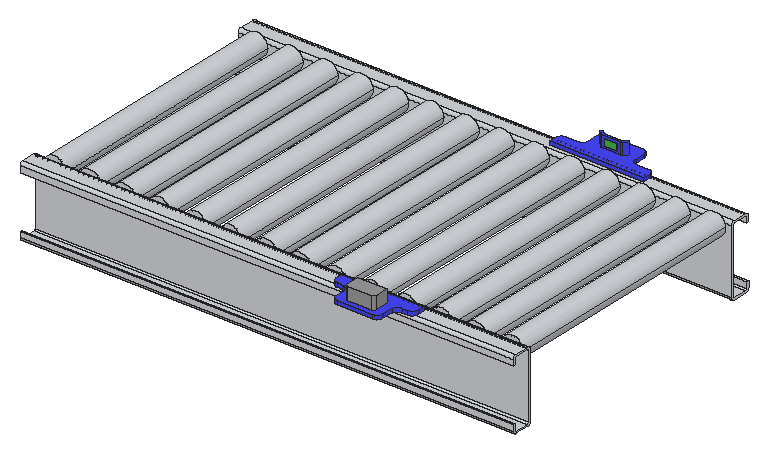
Revit family "C380_ENTRY", category Specialty Equipment, Revit 2025
Family settings
  Round Connector Dimension = Use Diameter
  Part Type = Normal
  Work Plane-Based = No
  Enable Cutting in Views = No
  Always vertical = Yes
  Cut with Voids When Loaded = No
  Maintain Annotation Orientation = No
  Shared = No
  Room Calculation Point = No
Parameters (values of type "C380-ENTRY-24"")
  Weight [instance] = 0
  Version = ""
  Subsystem [instance] = ""
  Special_Part_Number [instance] = ""
  Special_Description [instance] = ""
  Special_Bed [instance] = no
  Segment [instance] = ""
  SIO_Block_Number [instance] = ""
  Material_Number [instance] = ""
  MCP [instance] = ""
  Lookup Table Name BCL [instance] = "BOTTOM_COVER_BCL"
  Lookup Table Name [instance] = "PHOTO_EYE"
  Load_Envelope_Height [instance] = 1' - 0"
  Load_Envelope [instance] = no
  IO_Block_Number [instance] = ""
  Field_Cut [instance] = no
  Estop_Zone [instance] = ""
  Error_State [instance] = no
  Default Elevation = 0' - 0"
  Conveyor_Number [instance] = "100"
  Conveyor_Elevation_Out [instance] = Conveyor_Elevation_In  # 2' - 6"
  Conveyor_Elevation_In [instance] = 2' - 6"
  CLR_ZONE_CONTROL = "N"
  CLR_ZONES [instance] = 3' - 0"
  CLR_VFD = no
  CLR_TE_POSITION = "N"
  CLR_TAKE_UP_SPRING_QUANTITY = 0
  CLR_TAKE_UP = "N"
  CLR_SUBCLASS = ""
  CLR_SPRING_COVER [instance] = no
  CLR_SPEED_FPM = 0
  CLR_SLAVE_RATIO = "N"
  CLR_SENSOR_SKEW [instance] = size_lookup(Lookup Table Name, "CSS", CLR_PhotoEye_SP, CLR_NOMINAL_WIDTH, CLR_ZONES, CLR_SENSOR_ANGLE)  # 1' - 4"
  CLR_SENSOR_MOUNT [instance] = "Side"
  CLR_SENSOR_HAND [instance] = "Left"
  CLR_SENSOR_ANGLE [instance] = 9.00°
  CLR_ROLLER_NUM [instance] = CLR_BED_LENGTH / CLR_ROLLER_CENTER  # 14
  CLR_ROLLER_CENTER [instance] = 0' - 3"
  CLR_PhotoEye_SP [instance] = if(CLR_ZONES = 3' 0", 1' 0", if(CLR_ZONES = 2' 0", 0' 8", 0' 8"))  # 1' - 0"
  CLR_PULLEY_TYPE = "N"
  CLR_POPOUT_CARRYING_ROLLERS [instance] = no
  CLR_NOMINAL_WIDTH + 1" [instance] = CLR_NOMINAL_WIDTH + 0' 1"  # 2' - 1"
  CLR_NOMINAL_WIDTH  -2.5" [instance] = CLR_NOMINAL_WIDTH - 0' 2 1/2"  # 1' - 9 1/2"
  CLR_NOMINAL_WIDTH = 2' - 0"
  CLR_MOTOR_VOLTAGE = "N"
  CLR_MOTOR_TYPE = "N"
  CLR_MOTOR_HP = 0
  CLR_MODULE = ""
  CLR_LIFTER_ROLLER_CENTER [instance] = 0' - 6"
  CLR_FINGER_GUARD [instance] = no
  CLR_DRIVE_TRAIN_TYPE = "N"
  CLR_DRIVE_SIZE = 0
  CLR_CONTROL_VOLTAGE = "N"
  CLR_CONTROL_DEVICE = "N"
  CLR_CONNECTION_KIT = "N"
  CLR_CARRYING_ROLLER [instance] = "Standard\r\nStandard\r\nStandard"
  CLR_BOTTOM_COVERS [instance] = no
  CLR_BED_LENGTH [instance] = Bed_Length  # 3' - 6"
  CLR_ASSEMBLY_HAND = "N"
  CLR_AIR_BRAKE = 0
  Belting [instance] = 0' - 8"
  Bed_Length [instance] = if(CLR_ZONES = 3' 0", 3' 6", if(CLR_ZONES = 2' 0", 2' 6", 3' 6"))  # 3' - 6"
  BOTTOM_COVERS_LENGTH [instance] = Bed_Length  # 3' - 6"
  Asset ID [instance] = ""
  Air_Consumption [instance] = 0
Types (6): name | Conveyor_Elevation_Out | Conveyor_Elevation_In | CLR_ZONES | CLR_SENSOR_SKEW | CLR_ROLLER_NUM | CLR_PhotoEye_SP | CLR_NOMINAL_WIDTH + 1" | CLR_NOMINAL_WIDTH  -2.5" | CLR_NOMINAL_WIDTH | CLR_BED_LENGTH | Bed_Length | BOTTOM_COVERS_LENGTH
  (no name) | 2' - 6" | 2' - 6" | 3' - 0" | 1' - 4" | 14 | 1' - 0" | 2' - 1" | 1' - 9 1/2" | 2' - 0" | 3' - 6" | 3' - 6" | 3' - 6"
  C380-ENTRY-18" | 2' - 6" | 2' - 6" | 2' - 0" | 1' - 0" | 10 | 0' - 8" | 1' - 7" | 1' - 3 1/2" | 1' - 6" | 2' - 6" | 2' - 6" | 2' - 6"
  C380-ENTRY-24" | 2' - 6" | 2' - 6" | 3' - 0" | 1' - 4" | 14 | 1' - 0" | 2' - 1" | 1' - 9 1/2" | 2' - 0" | 3' - 6" | 3' - 6" | 3' - 6"
  C380-ENTRY-30" | 2' - 7 51/256" | 2' - 7 51/256" | 3' - 0" | 1' - 6" | 14 | 1' - 0" | 2' - 7" | 2' - 3 1/2" | 2' - 6" | 3' - 6" | 3' - 6" | 3' - 6"
  C380-ENTRY-36" | 2' - 7 51/256" | 2' - 7 51/256" | 3' - 0" | 1' - 6" | 14 | 1' - 0" | 3' - 1" | 2' - 9 1/2" | 3' - 0" | 3' - 6" | 3' - 6" | 3' - 6"
  C380-ENTRY-42" | 2' - 7 51/256" | 2' - 7 51/256" | 3' - 0" | 1' - 8" | 14 | 1' - 0" | 3' - 7" | 3' - 3 1/2" | 3' - 6" | 3' - 6" | 3' - 6" | 3' - 6"
Reference planes (in)
  plane 1 "Centerline": y = 0
  plane 2: z = 0
  plane 3 "Entry_End": x = 0
  plane 4 "Top_of_Roller": z = 30
  plane 5 "Top_of_SideFrame": z = 29.71
  plane 6 "Bot_of_SideFrame": z = 23.71
  plane 7 "LH_Out": y = 12.5
  plane 8 "RH_Out": y = -12.5
  plane 9 "RH_In": y = -10.75
  plane 10 "LH_In": y = 10.75
  plane 11 "Exit_End": x = 42
  plane 12 "PhotoEye_SP": x = 30
  plane 13: x = 60.81944
  plane 14: y = -38.13976
  plane 15: z = 30
  plane 16: z = 42
  plane 17: y = -10.75
  plane 18: y = 10.75
  plane 19 "END_PULLY": y = 8.44
  plane 20: y = -8.44
Forms (in)
  Extrusion 1, solid, detail levels coarse+medium
    sketch origin (0, 0, 0) x (0, 1, 0) y (0, 0, 1)
      loop
        line (12.5, 29.71) -> (-12.5, 29.71) -> (-12.5, 23.71) -> (12.5, 23.71) -> (12.5, 29.71)
    from 0 to 42
  Extrusion 2, solid, material "Load Envelope", visible <- "Load_Envelope"
    sketch origin (0, 0, 0) x (0, 1, 0) y (0, 0, 1)
      loop
        line (10.75, 42) -> (-10.75, 42) -> (-10.75, 30) -> (10.75, 30) -> (10.75, 42)
    from 0 to 42
  Extrusion 3, solid, detail levels fine
    sketch origin (0, 0, 0) x (1, 0, 0) y (0, 0, 1)
      loop
        circle (3.5, 25.93) r 1.94
    from -8.44 to 8.44
  Extrusion 4, solid, detail levels fine
    sketch origin (0, 8.44, 0) x (-1, 0, 0) y (0, 0, 1)
      loop
        line (-0.38, 28.04) -> (-6, 28.04) -> (-6, 23.71) -> (-0.38, 23.71) -> (-0.38, 28.04)
    from 0 to 2.31
  Extrusion 5, solid, detail levels fine
    sketch origin (0, -16.75, 0) x (-1, 0, 0) y (0, 0, 1)
      loop
        line (-0.38, 28.04) -> (-6, 28.04) -> (-6, 23.71) -> (-0.38, 23.71) -> (-0.38, 28.04)
    from 6 to 8.31
  Extrusion 6, solid, detail levels fine
    sketch origin (0, 0, 0) x (1, 0, 0) y (0, 0, 1)
      loop
        arc (1.1444, 24.115) -> (1.18102, 24.02661) -> (1.2694, 23.99) r 0.125
        line (1.2694, 23.99) -> (1.8944, 23.99) -> (1.8944, 24.06813) -> (1.2869, 24.06813)
        arc (1.2869, 24.06813) -> (1.24271, 24.08643) -> (1.2244, 24.13063) r 0.0625
        line (1.2244, 24.13063) -> (1.2244, 27.72938)
        arc (1.2244, 27.72938) -> (1.24271, 27.77357) -> (1.2869, 27.79188) r 0.0625
        line (1.2869, 27.79188) -> (1.8944, 27.79188) -> (1.8944, 27.87) -> (1.2694, 27.87)
        arc (1.2694, 27.87) -> (1.18102, 27.83339) -> (1.1444, 27.745) r 0.125
        line (1.1444, 27.745) -> (1.1444, 24.115)
    from -8.44 to 8.44
Lines and regions (in)
  model lines, style "Belt"
    curve 1: line (0, 4, 30) -> (42, 4, 30)
    curve 2: line (0, -4, 30) -> (0, 4, 30)
    curve 3: line (42, -4, 30) -> (0, -4, 30)
    curve 4: line (42, 4, 30) -> (42, -4, 30)
  model lines, style "Centerline"
    curve 5: line (0, 0, 30) -> (42, 0, 30)
  model lines, style "Flow Arrow", not visible
    curve 6: line (108.81944, -38.13976, 30) -> (132.81944, -38.13976, 30)
    curve 7: line (132.81944, -38.13976, 30) -> (122.42713, -32.13976, 30)
    curve 8: line (132.81944, -38.13976, 30) -> (122.42713, -44.13976, 30)
Dimensions and locks (in)
  equal spacing: plane 10 "LH_In", plane 1 "Centerline", plane 9 "RH_In"
  "CLR_NOMINAL_WIDTH  -2.5"": plane 10 "LH_In" to plane 9 "RH_In"
  equal spacing: plane 7 "LH_Out", plane 1 "Centerline", plane 8 "RH_Out"
  "CLR_NOMINAL_WIDTH + 1"": plane 7 "LH_Out" to plane 8 "RH_Out"
  "Conveyor_Elevation_In": plane 4 "Top_of_Roller" to level
  locked: plane 4 "Top_of_Roller" to plane 5 "Top_of_SideFrame" at 0.29
  locked: plane 5 "Top_of_SideFrame" to plane 6 "Bot_of_SideFrame" at 6
  locked: nested 1 to plane 6 "Bot_of_SideFrame"
  locked: nested 1 to plane 10 "LH_In"
  locked: plane 6 "Bot_of_SideFrame" to nested 2
  locked: plane 9 "RH_In" to nested 2
  locked: plane 3 "Entry_End" to nested 3 at 1.5
  locked: plane 4 "Top_of_Roller" to nested 3
  equal spacing: group 1, group 2, group 3, group 4, group 5, group 6, group 7, group 8, group 10, group 11, group 12, group 13, group 14, group 15  (x3)
  locked: plane 3 "Entry_End" to nested 4 at 4.5
  "CLR_BED_LENGTH": plane 3 "Entry_End" to plane 11 "Exit_End"
  "CLR_PhotoEye_SP": plane 11 "Exit_End" to plane 12 "PhotoEye_SP"
  locked: plane 5 "Top_of_SideFrame" to nested 11
  locked: plane 8 "RH_Out" to nested 12
  locked: plane 5 "Top_of_SideFrame" to nested 12
  equal spacing: curve 3, plane 1 "Centerline", curve 1
  "Belting": curve 3 to curve 1
  equal spacing: plane 18, plane 1 "Centerline", plane 17
  "CLR_NOMINAL_WIDTH  -2.5"": plane 18 to plane 17
  "Load_Envelope_Height": plane 16 to plane 15
  locked: plane 3 "Entry_End" to nested 15
  plane 12 "PhotoEye_SP" to plane 11 "Exit_End" = 1' - 0"
  locked: Extrusion 3 sketch curve to plane 3 "Entry_End" at 3.5
  locked: Extrusion 3 sketch curve to plane 6 "Bot_of_SideFrame" at 2.22
  equal spacing: plane 19 "END_PULLY", plane 1 "Centerline", plane 20
  locked: plane 19 "END_PULLY" to plane 10 "LH_In" at 2.31
  locked: Extrusion 4 sketch curve to plane 3 "Entry_End" at 0.38
  locked: Extrusion 4 sketch curve to Extrusion 1 at 4.33
  locked: Extrusion 4 sketch curve to Extrusion 4 sketch curve at 5.62
  locked: Extrusion 5 sketch curve to Extrusion 5 sketch curve at 5.62
  locked: Extrusion 5 to plane 20
  locked: plane 3 "Entry_End" to Extrusion 5 at 0.38
  locked: Extrusion 6 sketch curve to Extrusion 6 sketch curve at 0.08
  locked: Extrusion 6 to plane 3 "Entry_End" at 1.1444
  locked: Extrusion 6 to plane 6 "Bot_of_SideFrame" at 0.28
  aligned and locked: level to plane 2
  aligned and locked: plane 3 "Entry_End" to nested 1
  aligned and locked: plane 3 "Entry_End" to nested 2
  aligned and locked: plane 1 "Centerline" to nested 3
  aligned and locked: plane 7 "LH_Out" to nested 11
  aligned and locked: plane 12 "PhotoEye_SP" to nested 12
  aligned and locked: plane 3 "Entry_End" to curve 2
  aligned and locked: curve 4 to plane 11 "Exit_End"
  aligned and locked: Extrusion 1 to plane 7 "LH_Out"
  aligned and locked: plane 5 "Top_of_SideFrame" to Extrusion 1
  aligned and locked: Extrusion 1 to plane 6 "Bot_of_SideFrame"
  aligned and locked: plane 11 "Exit_End" to Extrusion 1
  aligned and locked: plane 4 "Top_of_Roller" to plane 15
  aligned and locked: plane 16 to Extrusion 2 sketch curve
  aligned and locked: Extrusion 2 sketch curve to plane 10 "LH_In"
  aligned and locked: Extrusion 2 sketch curve to nested 3  (x2)
  aligned and locked: plane 11 "Exit_End" to Extrusion 2
  aligned and locked: nested 15 to plane 6 "Bot_of_SideFrame"
  aligned and locked: plane 1 "Centerline" to nested 15
  aligned and locked: plane 12 "PhotoEye_SP" to nested 11
  aligned and locked: Extrusion 3 to plane 20
  aligned and locked: plane 19 "END_PULLY" to Extrusion 3
  aligned and locked: Extrusion 4 to plane 10 "LH_In"
  aligned and locked: plane 9 "RH_In" to Extrusion 5
  aligned and locked: plane 19 "END_PULLY" to Extrusion 6
  aligned and locked: Extrusion 6 to plane 20
  aligned and locked: plane 4 "Top_of_Roller" to nested 19
Automatic sketch dimensions
  plane 1 "Centerline" to curve 5 = 0' - 0"
  Extrusion 1 sketch curve to plane 5 "Top_of_SideFrame" = 0' - 0"
  Extrusion 1 sketch curve to plane 8 "RH_Out" = 0' - 0"
  Extrusion 1 sketch curve to plane 6 "Bot_of_SideFrame" = 0' - 0"
  Extrusion 1 sketch curve to plane 7 "LH_Out" = 0' - 0"
  Extrusion 4 sketch curve to plane 6 "Bot_of_SideFrame" = 0' - 0"
  Extrusion 5 sketch curve to plane 6 "Bot_of_SideFrame" = 0' - 0"
  Extrusion 5 sketch curve to plane 5 "Top_of_SideFrame" = 0' - 1.67"
  plane 3 "Entry_End" to Extrusion 5 sketch curve = 0' - 6"
  Extrusion 6 sketch curve to Extrusion 6 sketch curve = 0' - 0.045"
  Extrusion 6 sketch curve to Extrusion 6 sketch curve = 0' - 0.0175"  (x2)
  Extrusion 6 sketch curve to Extrusion 6 sketch curve = 0' - 0 1/8"
  Extrusion 6 sketch curve to Extrusion 6 sketch curve = 0' - 0.6075"  (x2)
  plane 6 "Bot_of_SideFrame" to Extrusion 6 sketch curve = 0' - 0.28"
  Extrusion 6 sketch curve to Extrusion 6 sketch curve = 0' - 0 5/64"
  Extrusion 6 sketch curve to plane 5 "Top_of_SideFrame" = 0' - 1.98062"
  Extrusion 6 sketch curve to Extrusion 6 sketch curve = 0' - 0 1/64"
  plane 3 "Entry_End" to Extrusion 6 sketch curve = 0' - 1.1444"
  radius of Extrusion 3 sketch curve = 0' - 1.94"
Nested families (in)
  nested 1: "SW0024A" at (21, 11.625, -0.29) x (0, -1, 0) z (0, 0, 1), Bed_Length <- "CLR_BED_LENGTH", type "SW0024A", detail levels fine
    with Conveyor_Elevation_In 2' - 6", Bed_Length 3' - 6"
  nested 2: "SW0023A" at (21, -11.625, -0.29) x (0, -1, 0) z (0, 0, 1), Bed_Length <- "CLR_BED_LENGTH", type "SW0023A", detail levels fine
    with Conveyor_Elevation_In 2' - 6", Bed_Length 3' - 6"
  nested 3: "SW0289" at (1.5, 0, 0), B <- "CLR_NOMINAL_WIDTH  -2.5"", type "SW0289", detail levels fine
    with Conveyor_Elevation_In 2' - 6", B 1' - 9 1/2"
  nested 4: "SW0289" at (4.5, 0, 0), B <- "CLR_NOMINAL_WIDTH  -2.5"", type "SW0289", detail levels fine
    with Conveyor_Elevation_In 2' - 6", B 1' - 9 1/2"
  nested 5: "SW0289" at (7.5, 0, 0), B <- "CLR_NOMINAL_WIDTH  -2.5"", type "SW0289", detail levels fine
    with Conveyor_Elevation_In 2' - 6", B 1' - 9 1/2"
  nested 6: "SW0289" at (10.5, 0, 0), B <- "CLR_NOMINAL_WIDTH  -2.5"", type "SW0289", detail levels fine
    with Conveyor_Elevation_In 2' - 6", B 1' - 9 1/2"
  nested 7: "SW0289" at (13.5, 0, 0), B <- "CLR_NOMINAL_WIDTH  -2.5"", type "SW0289", detail levels fine
    with Conveyor_Elevation_In 2' - 6", B 1' - 9 1/2"
  nested 8: "SW0289" at (16.5, 0, 0), B <- "CLR_NOMINAL_WIDTH  -2.5"", type "SW0289", detail levels fine
    with Conveyor_Elevation_In 2' - 6", B 1' - 9 1/2"
  nested 9: "SW0289" at (19.5, 0, 0), B <- "CLR_NOMINAL_WIDTH  -2.5"", type "SW0289", detail levels fine
    with Conveyor_Elevation_In 2' - 6", B 1' - 9 1/2"
  nested 10: "SW0289" at (22.5, 0, 0), B <- "CLR_NOMINAL_WIDTH  -2.5"", type "SW0289", detail levels fine
    with Conveyor_Elevation_In 2' - 6", B 1' - 9 1/2"
  nested 11: "SW0014" at (30, 12.5, -0.00094), type "SW0014"
  nested 12: "SW0037-01" at (30, -12.5, -0.00094), type "SW0037-01"
    with Conveyor_Elevation_In 2' - 5 91/128"
  nested 13: "SW0289" at (25.5, 0, 0), B <- "CLR_NOMINAL_WIDTH  -2.5"", type "SW0289", detail levels fine
    with Conveyor_Elevation_In 2' - 6", B 1' - 9 1/2"
  nested 14: "SW0289" at (28.5, 0, 0), B <- "CLR_NOMINAL_WIDTH  -2.5"", type "SW0289", detail levels fine
    with Conveyor_Elevation_In 2' - 6", B 1' - 9 1/2"
  nested 15: "SW0046" at (21, 0, 0), CLR_NOMINAL_WIDTH <- "CLR_NOMINAL_WIDTH  -2.5"", bottom cover length <- "BOTTOM_COVERS_LENGTH", visible <- "CLR_BOTTOM_COVERS", type "SW0046", detail levels fine
    with bottom cover length 42.000", Nominal wedith 21.268", CLR_NOMINAL_WIDTH 1' - 9 1/2"
  nested 16: "SW0289" at (31.5, 0, 0), B <- "CLR_NOMINAL_WIDTH  -2.5"", type "SW0289", detail levels fine
    with Conveyor_Elevation_In 2' - 6", B 1' - 9 1/2"
  nested 17: "SW0289" at (34.5, 0, 0), B <- "CLR_NOMINAL_WIDTH  -2.5"", type "SW0289", detail levels fine
    with Conveyor_Elevation_In 2' - 6", B 1' - 9 1/2"
  nested 18: "SW0289" at (37.5, 0, 0), B <- "CLR_NOMINAL_WIDTH  -2.5"", type "SW0289", detail levels fine
    with Conveyor_Elevation_In 2' - 6", B 1' - 9 1/2"
  nested 19: "SW0289" at (40.5, 0, 0), B <- "CLR_NOMINAL_WIDTH  -2.5"", type "SW0289", detail levels fine
    with Conveyor_Elevation_In 2' - 6", B 1' - 9 1/2"
Connectors (in)
  cabletrayconduit at (42, 0, 26.71), diameter 6
    settings: on Extrusion 1, index 1, connector width 1' - 0", connector height 1' - 0", connector angle 0.00°, system type 32, placement type 0, profile type 0, connector reference index -1, is primary connector yes, connector utility param no, connector description ""
  cabletrayconduit at (0, 0, 26.71), diameter 6
    settings: on Extrusion 1, index 2, connector width 1' - 0", connector height 1' - 0", connector angle 0.00°, system type 32, placement type 0, profile type 0, connector reference index -1, is primary connector no, connector utility param no, connector description ""
Definition of nested family "SW0024A"
  Parameters (values of type "SW0024A")
    Description = "SW0001A - 6.00 X 1.75 X \"A\" LG"
    Default Elevation = 0' - 0"
    Conveyor_Elevation_In [instance] = 2' - 6"
    Bed_Length [instance] = 12' - 0"
  Reference planes (in)
    plane 1 "Center (Front/Back)": y = 0
    plane 2: z = 0
    plane 3 "Centerline": x = 0
    plane 4 "Bot_of_SideFrame": z = 24
    plane 5 "Top_of_SideFrame": z = 30
    plane 6 "LH_Out": x = 0.875
    plane 7 "LH_In": x = -0.875
    plane 8 "Entry_End": y = -72
    plane 9 "Exit_End": y = 72
  Forms (in)
    Extrusion 1, solid
      sketch origin (0, 0, 0) x (1, 0, 0) y (0, 0, 1)
        loop
          arc (-0.615, 30) -> (-0.79885, 29.92385) -> (-0.875, 29.74) r 0.26
          line (-0.875, 29.74) -> (-0.875, 29.25) -> (-0.74609, 29.25) -> (-0.74609, 29.75109)
          arc (-0.74609, 29.75109) -> (-0.71095, 29.83595) -> (-0.62609, 29.87109) r 0.12
          line (-0.62609, 29.87109) -> (0.62609, 29.87109)
          arc (0.62609, 29.87109) -> (0.71095, 29.83595) -> (0.74609, 29.75109) r 0.12
          line (0.74609, 29.75109) -> (0.74609, 24.24891)
          arc (0.74609, 24.24891) -> (0.71095, 24.16405) -> (0.62609, 24.12891) r 0.12
          line (0.62609, 24.12891) -> (-0.62609, 24.12891)
          arc (-0.62609, 24.12891) -> (-0.71095, 24.16405) -> (-0.74609, 24.24891) r 0.12
          line (-0.74609, 24.24891) -> (-0.74609, 24.75) -> (-0.875, 24.75) -> (-0.875, 24.26)
          arc (-0.875, 24.26) -> (-0.79885, 24.07615) -> (-0.615, 24) r 0.26
          line (-0.615, 24) -> (0.615, 24)
          arc (0.615, 24) -> (0.79885, 24.07615) -> (0.875, 24.26) r 0.26
          line (0.875, 24.26) -> (0.875, 29.74)
          arc (0.875, 29.74) -> (0.79885, 29.92385) -> (0.615, 30) r 0.26
          line (0.615, 30) -> (-0.615, 30)
      from -72 to 72
  Dimensions and locks (in)
    "Conveyor_Elevation_In": plane 5 "Top_of_SideFrame" to level
    locked: plane 5 "Top_of_SideFrame" to plane 4 "Bot_of_SideFrame" at 6
    equal spacing: plane 6 "LH_Out", plane 3 "Centerline", plane 7 "LH_In"
    plane 6 "LH_Out" to plane 7 "LH_In" = 0' - 1 3/4"
    plane 6 "LH_Out" to plane 3 "Centerline" = 0' - 0 7/8"
    equal spacing: plane 9 "Exit_End", plane 1 "Center (Front/Back)", plane 8 "Entry_End"
    "Bed_Length": plane 9 "Exit_End" to plane 8 "Entry_End"
    aligned and locked: plane 2 to level
    aligned and locked: Extrusion 1 sketch curve to plane 5 "Top_of_SideFrame"
    aligned and locked: plane 7 "LH_In" to Extrusion 1 sketch curve
    aligned and locked: plane 4 "Bot_of_SideFrame" to Extrusion 1 sketch curve
    aligned and locked: plane 6 "LH_Out" to Extrusion 1 sketch curve
    aligned and locked: Extrusion 1 to plane 8 "Entry_End"
    aligned and locked: plane 9 "Exit_End" to Extrusion 1
  Automatic sketch dimensions
    Extrusion 1 sketch curve to plane 7 "LH_In" = 0' - 0"
    Extrusion 1 sketch curve to Extrusion 1 sketch curve = 0' - 0 33/256"  (x2)
    Extrusion 1 sketch curve to Extrusion 1 sketch curve = 0' - 0.12"  (x3)
    Extrusion 1 sketch curve to Extrusion 1 sketch curve = 0' - 0.01109"  (x5)
    Extrusion 1 sketch curve to plane 5 "Top_of_SideFrame" = 0' - 0.26"
    plane 6 "LH_Out" to Extrusion 1 sketch curve = 0' - 0.26"
    plane 4 "Bot_of_SideFrame" to Extrusion 1 sketch curve = 0' - 0 33/256"
    Extrusion 1 sketch curve to Extrusion 1 sketch curve = 0' - 0.49"  (x2)
Definition of nested family "SW0023A"
  Parameters (values of type "SW0023A")
    Description = "SW0001A - 6.00 X 1.75 X \"A\" LG"
    Default Elevation = 0' - 0"
    Conveyor_Elevation_In [instance] = 2' - 6"
    Bed_Length [instance] = 12' - 0"
  Reference planes (in)
    plane 1 "Center (Front/Back)": y = 0
    plane 2: z = 0
    plane 3 "CenterLine": x = 0
    plane 4 "Bot_of_SideFrame": z = 24
    plane 5 "Top_of_SideFrame": z = 30
    plane 6 "RH_OUT": x = 0.875
    plane 7 "RH_IN": x = -0.875
    plane 8 "Entry_End": y = -72
    plane 9 "Exit_End": y = 72
  Forms (in)
    Extrusion 1, solid
      sketch origin (0, 0, 0) x (1, 0, 0) y (0, 0, 1)
        loop
          arc (-0.615, 30) -> (-0.79885, 29.92385) -> (-0.875, 29.74) r 0.26
          line (-0.875, 29.74) -> (-0.875, 24.26)
          arc (-0.875, 24.26) -> (-0.79885, 24.07615) -> (-0.615, 24) r 0.26
          line (-0.615, 24) -> (0.615, 24)
          arc (0.615, 24) -> (0.79885, 24.07615) -> (0.875, 24.26) r 0.26
          line (0.875, 24.26) -> (0.875, 24.75) -> (0.74219, 24.75) -> (0.74219, 24.25281)
          arc (0.74219, 24.25281) -> (0.70704, 24.16796) -> (0.62219, 24.13281) r 0.12
          line (0.62219, 24.13281) -> (-0.62219, 24.13281)
          arc (-0.62219, 24.13281) -> (-0.70704, 24.16796) -> (-0.74219, 24.25281) r 0.12
          line (-0.74219, 24.25281) -> (-0.74219, 29.74719)
          arc (-0.74219, 29.74719) -> (-0.70704, 29.83204) -> (-0.62219, 29.86719) r 0.12
          line (-0.62219, 29.86719) -> (0.62219, 29.86719)
          arc (0.62219, 29.86719) -> (0.70704, 29.83204) -> (0.74219, 29.74719) r 0.12
          line (0.74219, 29.74719) -> (0.74219, 29.25) -> (0.875, 29.25) -> (0.875, 29.74)
          arc (0.875, 29.74) -> (0.79885, 29.92385) -> (0.615, 30) r 0.26
          line (0.615, 30) -> (-0.615, 30)
      from -72 to 72
  Dimensions and locks (in)
    equal spacing: plane 6 "RH_OUT", plane 3 "CenterLine", plane 7 "RH_IN", locked at 0.875 each
    "Conveyor_Elevation_In": plane 5 "Top_of_SideFrame" to level
    locked: plane 5 "Top_of_SideFrame" to plane 4 "Bot_of_SideFrame" at 6
    plane 6 "RH_OUT" to plane 7 "RH_IN" = 0' - 1 3/4"
    equal spacing: plane 9 "Exit_End", plane 1 "Center (Front/Back)", plane 8 "Entry_End"
    "Bed_Length": plane 9 "Exit_End" to plane 8 "Entry_End"
    aligned and locked: plane 2 to level
    aligned and locked: Extrusion 1 to plane 8 "Entry_End"
    aligned and locked: plane 9 "Exit_End" to Extrusion 1
  Automatic sketch dimensions
    Extrusion 1 sketch curve to plane 7 "RH_IN" = 0' - 0"
    Extrusion 1 sketch curve to plane 4 "Bot_of_SideFrame" = 0' - 0"
    Extrusion 1 sketch curve to plane 5 "Top_of_SideFrame" = 0' - 0"
    Extrusion 1 sketch curve to plane 6 "RH_OUT" = 0' - 0"  (x2)
    Extrusion 1 sketch curve to Extrusion 1 sketch curve = 0' - 0.12"  (x3)
    Extrusion 1 sketch curve to Extrusion 1 sketch curve = 0' - 0.00719"  (x9)
    Extrusion 1 sketch curve to plane 6 "RH_OUT" = 0' - 0 17/128"
    Extrusion 1 sketch curve to Extrusion 1 sketch curve = 0' - 0.12719"
    Extrusion 1 sketch curve to Extrusion 1 sketch curve = 0' - 0.49719"
    Extrusion 1 sketch curve to Extrusion 1 sketch curve = 0' - 0.49"
    Extrusion 1 sketch curve to Extrusion 1 sketch curve = 0' - 0"
    plane 7 "RH_IN" to Extrusion 1 sketch curve = 0' - 0 17/128"
Definition of nested family "SW0289"
  Parameters (values of type "SW0289")
    Default Elevation = 0' - 0"
    Conveyor_Elevation_In [instance] = 2' - 6"
    B [instance] = 2' - 3 1/2"
  Reference planes (in)
    plane 1 "Center (Front/Back)": y = 0
    plane 2: z = 0
    plane 3 "Center (Left/Right)": x = 0
    plane 4 "Top_of_Roller": z = 30
    plane 5 "RH_In": y = -13.75
    plane 6 "LH_In": y = 13.75
    plane 7: z = 29.0625
  Forms (in)
    Extrusion 1, solid
      sketch origin (0, 0, 1.0625) x (1, 0, 0) y (0, 0, 1)
        loop
          circle (0, 28) r 0.9375
      from -13.75 to 13.75
  Dimensions and locks (in)
    "Conveyor_Elevation_In": plane 4 "Top_of_Roller" to level
    plane 4 "Top_of_Roller" to Extrusion 1 sketch curve = 0' - 0 15/16"
    equal spacing: plane 6 "LH_In", plane 1 "Center (Front/Back)", plane 5 "RH_In"
    "B": plane 6 "LH_In" to plane 5 "RH_In"
    locked: plane 4 "Top_of_Roller" to plane 7 at 0.9375
    diameter of Extrusion 1 sketch curve = 0' - 1 7/8"
    aligned and locked: level to plane 2
    aligned and locked: Extrusion 1 to plane 5 "RH_In"
    aligned and locked: plane 6 "LH_In" to Extrusion 1
    aligned and locked: plane 7 to Extrusion 1
  Automatic sketch dimensions
    Extrusion 1 sketch curve to plane 3 "Center (Left/Right)" = 0' - 0"
Definition of nested family "SW0014"
  Parameters (values of type "SW0014")
    Default Elevation = 4' - 0"
    Conveyor_Elevation_In = 2' - 5 91/128"
  Reference planes (in)
    plane 1 "Center (Front/Back)": y = 0
    plane 2: z = 0
    plane 3 "Center (Left/Right)": x = 0
    plane 4: y = 1.88
    plane 5: x = 4
    plane 6: x = -4
    plane 7: y = -1.13
    plane 8: x = -1.25
    plane 9: x = 1.25
    plane 10: z = 30.47656
    plane 11 "Top_of_SideFrame": z = 29.71094
  Forms (in)
    Extrusion 1, solid
      sketch origin (0, 0, 0) x (1, 0, 0) y (0, 1, 0)
        loop
          line (-4, -1.13) -> (4, -1.13) -> (4, -0.5)
          arc (4, -0.5) -> (3.85355, -0.14645) -> (3.5, 0) r 0.5
          line (3.5, 0) -> (2.5, 0)
          arc (2.5, 0) -> (2.14645, 0.14645) -> (2, 0.5) r 0.5
          line (2, 0.5) -> (2, 1.38)
          arc (2, 1.38) -> (1.85355, 1.73355) -> (1.5, 1.88) r 0.5
          line (1.5, 1.88) -> (-1.5, 1.88)
          arc (-1.5, 1.88) -> (-1.85355, 1.73355) -> (-2, 1.38) r 0.5
          line (-2, 1.38) -> (-2, 0.5)
          arc (-2, 0.5) -> (-2.14645, 0.14645) -> (-2.5, 0) r 0.5
          line (-2.5, 0) -> (-3.5, 0)
          arc (-3.5, 0) -> (-3.85355, -0.14645) -> (-4, -0.5) r 0.5
          line (-4, -0.5) -> (-4, -1.13)
      from 29.71094 to 30
    Extrusion 2, solid
      sketch origin (0, 0, 30) x (1, 0, 0) y (0, 1, 0)
        loop
          line (-1.25, 0.75) -> (-0.96967, 0.46967)
          arc (-0.96967, 0.46967) -> (-0.88856, 0.41548) -> (-0.79289, 0.39645) r 0.25
          line (-0.79289, 0.39645) -> (0.79289, 0.39645)
          arc (0.79289, 0.39645) -> (0.88856, 0.41548) -> (0.96967, 0.46967) r 0.25
          line (0.96967, 0.46967) -> (1.25, 0.75) -> (1.11261, 0.88739) -> (0.88919, 0.66397)
          arc (0.88919, 0.66397) -> (0.80808, 0.60978) -> (0.71241, 0.59075) r 0.25
          line (0.71241, 0.59075) -> (-0.71241, 0.59075)
          arc (-0.71241, 0.59075) -> (-0.80808, 0.60978) -> (-0.88919, 0.66397) r 0.25
          line (-0.88919, 0.66397) -> (-1.11261, 0.88739) -> (-1.25, 0.75)
      from 0 to 0.94922
    Extrusion 3, solid
      sketch origin (0.89645, 0.39645, 29.47656) x (-1, 0, 0) y (0, 0, -1)
        loop
          line (1.39645, -1.26562) -> (1.39645, -0.73437) -> (0.39645, -0.73437) -> (0.39645, -1.26562) -> (1.39645, -1.26562)
      from 0 to 0.06578
  Dimensions and locks (in)
    equal spacing: plane 6, plane 3 "Center (Left/Right)", plane 5
    equal spacing: Extrusion 1 sketch curve, plane 3 "Center (Left/Right)", Extrusion 1 sketch curve
    equal spacing: Extrusion 3 sketch curve, plane 3 "Center (Left/Right)", Extrusion 3 sketch curve
    equal spacing: Extrusion 3 sketch curve, plane 10, Extrusion 3 sketch curve
    Extrusion 3 sketch curve to Extrusion 3 sketch curve = 0' - 1"
    Extrusion 3 sketch curve to Extrusion 3 sketch curve = 0' - 0 17/32"
    Extrusion 1 sketch curve to Extrusion 1 sketch curve = 0' - 4"
    plane 1 "Center (Front/Back)" to plane 4 = 0' - 1.88"
    plane 6 to plane 5 = 0' - 8"
    plane 1 "Center (Front/Back)" to plane 7 = 0' - 1.13"
    "Conveyor_Elevation_In": plane 11 "Top_of_SideFrame" to level
    locked: Extrusion 1 to plane 11 "Top_of_SideFrame" at 0.28906
    locked: Extrusion 1 to Extrusion 3 at 0.5
    aligned and locked: plane 2 to level
    aligned and locked: Extrusion 1 sketch curve to plane 4
    aligned and locked: plane 5 to Extrusion 1 sketch curve
    aligned and locked: Extrusion 1 sketch curve to plane 7
    aligned and locked: plane 11 "Top_of_SideFrame" to Extrusion 1
  Automatic sketch dimensions
    Extrusion 1 sketch curve to plane 6 = 0' - 0"
    plane 1 "Center (Front/Back)" to Extrusion 1 sketch curve = 0' - 0"  (x2)
    Extrusion 1 sketch curve to Extrusion 1 sketch curve = 0' - 0 1/2"  (x4)
    Extrusion 1 sketch curve to plane 1 "Center (Front/Back)" = 0' - 0 1/2"
    Extrusion 1 sketch curve to plane 4 = 0' - 0 1/2"
    Extrusion 2 sketch curve to Extrusion 1 = 0' - 0 3/4"
    Extrusion 2 sketch curve to Extrusion 2 sketch curve = 0' - 0.13739"
    Extrusion 1 to Extrusion 2 sketch curve = 0' - 0.46967"  (x2)
    Extrusion 2 sketch curve to Extrusion 2 sketch curve = 0' - 0.28033"
    Extrusion 1 to Extrusion 2 sketch curve = 0' - 0.66397"  (x2)
    Extrusion 2 sketch curve to Extrusion 2 sketch curve = 0' - 0.08048"  (x3)
    Extrusion 2 sketch curve to Extrusion 2 sketch curve = 0' - 0.17678"  (x2)
    Extrusion 2 sketch curve to Extrusion 1 = 0' - 1.28759"
    Extrusion 2 sketch curve to Extrusion 2 sketch curve = 0' - 0.0963"
    Extrusion 2 sketch curve to Extrusion 2 sketch curve = 0' - 0.22342"
    Extrusion 1 to Extrusion 2 sketch curve = 0' - 0 3/4"
    Extrusion 2 sketch curve to Extrusion 2 sketch curve = 0' - 0.07322"
    Extrusion 2 sketch curve to Extrusion 2 sketch curve = 0' - 0.0557"
Definition of nested family "SW0037-01"
  Parameters (values of type "SW0037-01")
    Default Elevation = 4' - 0"
    Conveyor_Elevation_In [instance] = 2' - 5 91/128"
  Reference planes (in)
    plane 1 "Center (Front/Back)": y = 0
    plane 2: z = 0
    plane 3 "Center (Left/Right)": x = 0
    plane 4: y = -1.87
    plane 5: x = -3.5
    plane 6: x = 3.5
    plane 7: y = 1.13
    plane 8: y = 0.6875
    plane 9: z = 1.09766
    plane 10 "Top_of_SideFrame": z = 29.71094
  Forms (in)
    Extrusion 1, solid
      sketch origin (0, 0, 0) x (-1, 0, 0) y (0, -1, 0)
        loop
          line (-3.5, -0.5) -> (-3.5, -1.13) -> (3.5, -1.13) -> (3.5, -0.5)
          arc (3.5, -0.5) -> (3.35355, -0.14645) -> (3, 0) r 0.5
          line (3, 0) -> (2.5, 0)
          arc (2.5, 0) -> (2.14645, 0.14645) -> (2, 0.5) r 0.5
          line (2, 0.5) -> (2, 1.37)
          arc (2, 1.37) -> (1.85355, 1.72355) -> (1.5, 1.87) r 0.5
          line (1.5, 1.87) -> (-1.5, 1.87)
          arc (-1.5, 1.87) -> (-1.85355, 1.72355) -> (-2, 1.37) r 0.5
          line (-2, 1.37) -> (-2, 0.5)
          arc (-2, 0.5) -> (-2.14645, 0.14645) -> (-2.5, 0) r 0.5
          line (-2.5, 0) -> (-3, 0)
          arc (-3, 0) -> (-3.35355, -0.14645) -> (-3.5, -0.5) r 0.5
      from 29.71094 to 30
    Extrusion 2, solid
      sketch origin (0, 0, 0) x (1, 0, 0) y (0, 1, 0)
        loop
          line (-1.25, 0) -> (-1.25, -1.125)
          arc (-1.25, -1.125) -> (-1.17678, -1.30178) -> (-1, -1.375) r 0.25
          line (-1, -1.375) -> (1, -1.375)
          arc (1, -1.375) -> (1.17678, -1.30178) -> (1.25, -1.125) r 0.25
          line (1.25, -1.125) -> (1.25, 0) -> (-1.25, 0)
      from 30 to 31.05078
    Extrusion 3, solid
      sketch origin (-1.36459, 0, 0) x (1, 0, 0) y (0, 0, -1)
        loop
          circle (1.36459, -30.55078) r 0.25
      from 0 to 0.08951
  Dimensions and locks (in)
    equal spacing: Extrusion 1 sketch curve, plane 3 "Center (Left/Right)", Extrusion 1 sketch curve
    equal spacing: Extrusion 2 sketch curve, plane 3 "Center (Left/Right)", Extrusion 2 sketch curve
    locked: plane 4 to plane 1 "Center (Front/Back)" at 1.87
    plane 1 "Center (Front/Back)" to Extrusion 1 sketch curve = 0' - 1.13"
    equal spacing: plane 5, plane 3 "Center (Left/Right)", plane 6
    plane 5 to plane 6 = 0' - 7"
    Extrusion 1 sketch curve to Extrusion 1 sketch curve = 0' - 4"
    "Conveyor_Elevation_In": plane 10 "Top_of_SideFrame" to level
    Extrusion 2 to Extrusion 3 sketch curve = 0' - 0 1/2"
    aligned and locked: plane 2 to level
    aligned and locked: Extrusion 1 sketch curve to plane 4
  Automatic sketch dimensions
    Extrusion 1 sketch curve to plane 6 = 0' - 0"
    plane 1 "Center (Front/Back)" to Extrusion 1 sketch curve = 0' - 0"  (x2)
    Extrusion 1 sketch curve to plane 5 = 0' - 0"
    plane 6 to Extrusion 1 sketch curve = 0' - 0 1/2"
    Extrusion 1 sketch curve to Extrusion 1 sketch curve = 0' - 0 1/2"  (x3)
    Extrusion 1 sketch curve to plane 4 = 0' - 0 1/2"
    Extrusion 1 sketch curve to plane 8 = 0' - 0 3/16"
    plane 1 "Center (Front/Back)" to Extrusion 2 sketch curve = 0' - 0"
    Extrusion 2 sketch curve to plane 3 "Center (Left/Right)" = 0' - 1 1/4"
    Extrusion 2 sketch curve to Extrusion 2 sketch curve = 0' - 0 1/4"  (x2)
    plane 1 "Center (Front/Back)" to Extrusion 2 sketch curve = 0' - 1 1/8"
    Extrusion 3 sketch curve to Extrusion 2 = 0' - 1 1/4"
    radius of Extrusion 3 sketch curve = 0' - 0 1/4"
Definition of nested family "SW0046"
  Parameters (values of type "SW0046")
    Default Elevation = 0' - 0"
    bottom cover length [instance] = 36.000"
    Nominal wedith [instance] = CLR_NOMINAL_WIDTH - 0.116" - 0.116"  # 11.768"
    CLR_NOMINAL_WIDTH [instance] = 1' - 0"
  Reference planes (in)
    plane 1 "Center (Front/Back)": y = 0
    plane 2: z = 0
    plane 3 "Center (Left/Right)": x = 0
    plane 4: y = 5.884
    plane 5: y = -5.884
    plane 6: x = 18
    plane 7: x = -18
    plane 8 "Bot_of_SideFrame": z = 23.71
    plane 9: y = 6
    plane 10: y = 5.9229
    plane 11: z = 24.71
    plane 12: z = 23.71
    plane 13: y = 5.884
    plane 14: z = 23.7871
    plane 15: x = 13.8
    plane 16: x = -13.8
    plane 17: y = -6
    plane 18: y = -5.9229
    plane 19: z = 24.71
    plane 20: z = 23.71
    plane 21: y = -5.884
    plane 22: z = 23.7871
  Forms (in)
    Extrusion 1, solid
      sketch origin (0, 0, 23.47) x (1, 0, 0) y (0, 1, 0)
        loop
          line (18, 5.884) -> (-18, 5.884) -> (-18, -5.884) -> (18, -5.884) -> (18, 5.884)
      from 0.317 to 0.24
    Extrusion 2, solid
      sketch origin (0, 0, 0) x (0, 1, 0) y (0, 0, 1)
        loop
          line (5.9229, 24.71) -> (5.9229, 23.7871) -> (5.884, 23.7871) -> (5.884, 23.71) -> (5.92336, 23.71)
          arc (5.92336, 23.71) -> (5.97755, 23.73245) -> (6, 23.78664) r 0.07664
          line (6, 23.78664) -> (6, 24.71) -> (5.9229, 24.71)
      from -13.8 to 13.8
    Extrusion 3, solid
      sketch origin (0, -11.25, 0) x (0, -1, 0) y (0, 0, -1)
        loop
          line (-5.3271, -24.71) -> (-5.25, -24.71) -> (-5.25, -23.78664)
          arc (-5.25, -23.78664) -> (-5.27245, -23.73245) -> (-5.32664, -23.71) r 0.07664
          line (-5.32664, -23.71) -> (-5.366, -23.71) -> (-5.366, -23.7871) -> (-5.3271, -23.7871) -> (-5.3271, -24.71)
      from -13.8 to 13.8
  Dimensions and locks (in)
    equal spacing: plane 7, plane 3 "Center (Left/Right)", plane 6
    equal spacing: plane 4, plane 1 "Center (Front/Back)", plane 5
    "bottom cover length": plane 7 to plane 6
    "Nominal wedith": plane 4 to plane 5
    Extrusion 1 to Extrusion 1 = 0' - 0.077"  (x2)
    locked: plane 8 "Bot_of_SideFrame" to Extrusion 1
    locked: level to plane 8 "Bot_of_SideFrame" at 23.71
    locked: plane 8 "Bot_of_SideFrame" to Extrusion 1 at 0.077
    locked: plane 12 to plane 14 at 0.0771
    locked: plane 13 to plane 10 at 0.0389
    locked: plane 10 to plane 9 at 0.0771
    locked: plane 12 to plane 11 at 1
    locked: plane 15 to plane 6 at 4.2
    locked: plane 7 to plane 16 at 4.2
    locked: plane 22 to plane 20 at 0.0771
    locked: plane 21 to plane 18 at 0.0389
    locked: plane 18 to plane 17 at 0.0771
    locked: plane 19 to plane 20 at 1
    Extrusion 2 to Extrusion 2 = 0' - 0.116"
    aligned and locked: level to plane 2
    aligned and locked: plane 4 to Extrusion 1 sketch curve
    aligned and locked: plane 6 to Extrusion 1 sketch curve
    aligned and locked: plane 5 to Extrusion 1 sketch curve
    aligned and locked: Extrusion 1 sketch curve to plane 7
    aligned and locked: plane 8 "Bot_of_SideFrame" to plane 12
    aligned and locked: plane 4 to plane 13
    aligned and locked: plane 15 to Extrusion 2
    aligned and locked: plane 21 to Extrusion 3 sketch curve
    aligned and locked: plane 5 to plane 21
    aligned and locked: plane 15 to Extrusion 3
    aligned and locked: Extrusion 3 to plane 16
    aligned and locked: Extrusion 2 to plane 16
  Automatic sketch dimensions
    Extrusion 2 sketch curve to plane 4 = 0' - 0"
    Extrusion 2 sketch curve to plane 10 = 0' - 0"
    plane 8 "Bot_of_SideFrame" to Extrusion 2 sketch curve = 0' - 0"
    Extrusion 2 sketch curve to plane 9 = 0' - 0"
    plane 14 to Extrusion 2 sketch curve = 0' - 0"
    plane 11 to Extrusion 2 sketch curve = 0' - 0"
    plane 10 to Extrusion 2 sketch curve = 0' - 0.00046"
    Extrusion 3 sketch curve to plane 18 = 0' - 0"
    plane 8 "Bot_of_SideFrame" to Extrusion 3 sketch curve = 0' - 0"
    Extrusion 3 sketch curve to plane 17 = 0' - 0"
    plane 19 to Extrusion 3 sketch curve = 0' - 0"
    plane 22 to Extrusion 3 sketch curve = 0' - 0"
    plane 18 to Extrusion 3 sketch curve = 0' - 0.00046"
